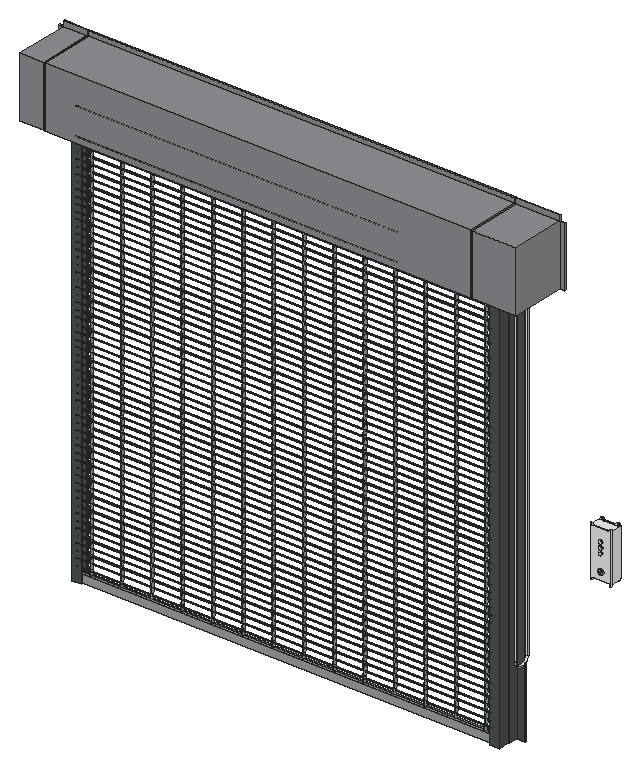
Revit family "Doors_Industrial_Overhead-Door-Corporation_EverServe-Springless-Security-Grilles-671S_", category Specialty Equipment, host Wall, Revit 2019 (continued)
Definition of nested family "Warning Sign"
  Lines and regions (in)
    model lines
      curve 34: line (-3.77413, -0.5, 28.37873) -> (-1.6331, -0.5, 13.97069)
      curve 35: line (1.69278, -0.5, 13.98121) -> (3.73924, -0.5, 28.37873)
      curve 36: arc (3.73924, -0.5, 28.37873) -> (-0.01745, -0.5, 32.13541) -> (-3.77413, -0.5, 28.37873) r 3.75668
  Dimensions and locks (in)
    locked: plane 1 "Center (Front/Back)" to plane 4 at 0.5
    equal spacing: plane 1 "Center (Front/Back)", plane 7, plane 4
    locked: plane 4 to plane 6 at 0.5
    locked: plane 5 to plane 1 "Center (Front/Back)" at 0.5
    aligned and locked: plane 2 to level
  Automatic sketch dimensions
    curve 21 to curve 22 = 0"  (x2)
    curve 25 to curve 26 = 0"  (x2)
    curve 29 to curve 30 = 0"  (x2)
    curve 31 to curve 32 = 0"  (x2)
    curve 21 to plane 3 "Center (Left/Right)" = 0"
    curve 31 to plane 3 "Center (Left/Right)" = 0"
    curve 30 to level = 0"
    level to curve 27 = 1.30556"
    curve 26 to curve 27 = 1.30556"
    curve 29 to curve 27 = 1.30556"
    curve 23 to curve 25 = 0.65278"
    curve 20 to curve 29 = 0.65278"
    curve 24 to curve 23 = 0.65278"
    curve 19 to curve 20 = 0.65278"
    level to curve 32 = 8.63537"
    curve 34 to plane 3 "Center (Left/Right)" = 1.6331"
    curve 34 to curve 31 = 5.33532"
    plane 3 "Center (Left/Right)" to curve 35 = 1.69278"
    curve 35 to curve 34 = 0.01052"
    plane 3 "Center (Left/Right)" to curve 33 = 0.02908"
    curve 36 to plane 3 "Center (Left/Right)" = 0.01745"
    curve 36 to curve 33 = 14.16104"
    curve 22 to curve 36 = 16.01016"
    plane 3 "Center (Left/Right)" to curve 23 = 1.13064"
    curve 23 to curve 21 = 0.65278"
    curve 20 to plane 3 "Center (Left/Right)" = 1.13064"
    plane 3 "Center (Left/Right)" to curve 24 = 2.26129"
    curve 24 to curve 22 = 0.65278"
    curve 19 to plane 3 "Center (Left/Right)" = 2.26129"
    curve 34 to curve 36 = 3.75668"
    curve 30 to plane 3 "Center (Left/Right)" = 24.12041"
    plane 3 "Center (Left/Right)" to curve 25 = 24.12041"
    curve 31 to curve 31 = 2.29479"
    curve 3 to curve 4 = 0"  (x2)
    curve 7 to curve 8 = 0"  (x2)
    curve 11 to curve 12 = 0"  (x2)
    curve 13 to curve 14 = 0"  (x2)
    curve 3 to plane 3 "Center (Left/Right)" = 0"
    curve 13 to plane 3 "Center (Left/Right)" = 0"
    curve 12 to level = 0"
    level to curve 9 = 1.30556"
    curve 8 to curve 9 = 1.30556"
    curve 11 to curve 9 = 1.30556"
    curve 5 to curve 7 = 0.65278"
    curve 2 to curve 11 = 0.65278"
    curve 6 to curve 5 = 0.65278"
    curve 1 to curve 2 = 0.65278"
    level to curve 14 = 8.63537"
    curve 16 to plane 3 "Center (Left/Right)" = 1.6331"
    curve 16 to curve 13 = 5.33532"
    plane 3 "Center (Left/Right)" to curve 17 = 1.69278"
    curve 17 to curve 16 = 0.01052"
    plane 3 "Center (Left/Right)" to curve 15 = 0.02908"
    curve 18 to plane 3 "Center (Left/Right)" = 0.01745"
    curve 18 to curve 15 = 14.16104"
    curve 4 to curve 18 = 16.01016"
    plane 3 "Center (Left/Right)" to curve 5 = 1.13064"
    curve 5 to curve 3 = 0.65278"
    curve 2 to plane 3 "Center (Left/Right)" = 1.13064"
    plane 3 "Center (Left/Right)" to curve 6 = 2.26129"
    curve 6 to curve 4 = 0.65278"
    curve 1 to plane 3 "Center (Left/Right)" = 2.26129"
    curve 16 to curve 18 = 3.75668"
    curve 12 to plane 3 "Center (Left/Right)" = 24.12041"
    plane 3 "Center (Left/Right)" to curve 7 = 24.12041"
    curve 13 to curve 13 = 2.29479"
Types (6): name | Voltage | Number of Poles | Apparent Load Phase 3 | Apparent Load Phase 2 | Apparent Load Phase 1
  208 volts, one phase, 60 Hz (208-240V range) | 208 V | 1 | 0 VA | 0 VA | 4160 VA
  220 volts, one phase, 60 Hz (220-240V range) | 220 V | 1 | 0 VA | 0 VA | 4400 VA
  208 volts, three phase, 60 Hz (208-240V range) | 208 V | 3 | 2401.78 VA | 2401.78 VA | 2401.78 VA
  230 volts, three phase, 60 Hz (220-240V range) | 230 V | 3 | 2655.81 VA | 2655.81 VA | 2655.81 VA
  460 volts, three phase, 60 Hz (440-480 V range) | 460 V | 3 | 5311.62 VA | 5311.62 VA | 5311.62 VA
  575 volts, three phase, 60 Hz | 575 V | 3 | 6639.53 VA | 6639.53 VA | 6639.53 VA
